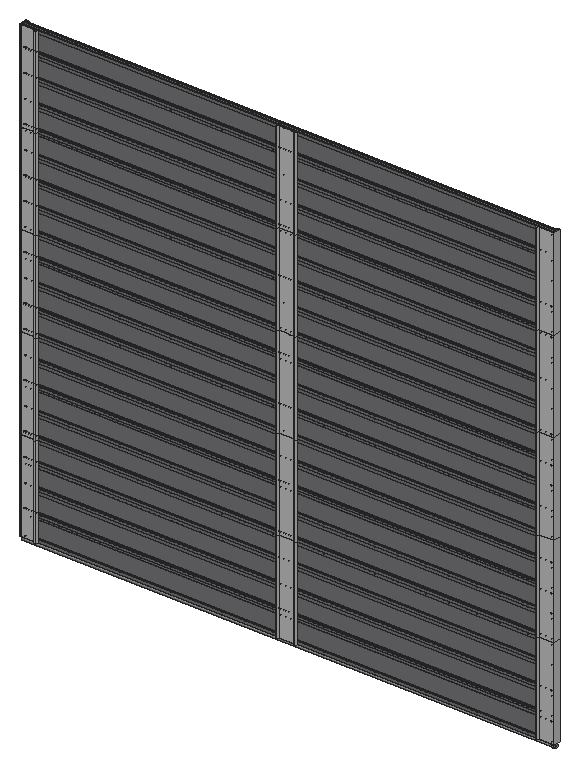
Revit family "GAFS 20H CH", category Doors, host Wall, Revit 2024
Family settings
  Host = Wall
  OmniClass Number = 23.30.10.00
  OmniClass Title = Doors
  Always vertical = Yes
  Cut with Voids When Loaded = No
  Shared = No
  Room Calculation Point = No
Parameters
  Wall Opening [instance] = 4880 mm
  Function = Interior
  Frame Projection Ext. = 25 mm
  Frame Projection Int. = 25 mm
  Frame Width = 75 mm
  Height = 2135 mm
  Wall Closure = By host
  Width = 2440 mm
Reference planes
  plane 1: y = 0
  plane 2 "Center (Left/Right)": x = 0
  plane 3: z = 2135
  plane 4 "Exterior": y = 75
  plane 5 "Interior": y = -75
  plane 6 "Garage Bottom": y = 75
  plane 7 "Garage Top": z = 2170
  plane 8: z = 19.954
  plane 9 "Garage Left": x = 1250
  plane 10 "Garage Right": x = -1250
Forms (mm)
  Extrusion 1, solid, material "STEEL BACK & SIDE PLATES"
    sketch origin (2744.172, 256, 612.954) x (1, 0, 0) y (0, 1, 0)
      loop
        line (-2791.977, -404.804) -> (-2789.506, -414.002) -> (-2782.523, -414.002) -> (-2780.383, -405.996) -> (-2707.961, -405.996) -> (-2705.821, -414.002) -> (-2698.839, -414.002) -> (-2696.367, -404.804) -> (-2697.626, -404.804) -> (-2699.758, -412.802) -> (-2704.9, -412.802) -> (-2707.039, -404.797) -> (-2781.305, -404.797) -> (-2783.444, -412.802) -> (-2788.586, -412.802) -> (-2790.718, -404.804) -> (-2791.977, -404.804)
      loop
        line (-3985.472, -373.2) -> (-3992.972, -373.2) -> (-3992.972, -372) -> (-3991.972, -372)
        arc (-3991.972, -372) -> (-3991.472, -371.5) -> (-3991.972, -371) r 0.5
        line (-3991.972, -371) -> (-3994.172, -371) -> (-3994.172, -406) -> (-3924.955, -406) -> (-3922.812, -414) -> (-3915.811, -414) -> (-3913.363, -404.8) -> (-3914.589, -404.8) -> (-3916.732, -412.8) -> (-3921.891, -412.8) -> (-3924.034, -404.8) -> (-3992.972, -404.8) -> (-3992.972, -374.4) -> (-3980.945, -374.4)
        arc (-3980.945, -374.4) -> (-3980.21, -374.891) -> (-3979.372, -374.607) r 1
        line (-3979.372, -374.607) -> (-3978.819, -374.054)
        arc (-3978.819, -374.054) -> (-3978.71, -373.509) -> (-3979.172, -373.2) r 0.5
        line (-3979.172, -373.2) -> (-3984.272, -373.2) -> (-3984.272, -371) -> (-3986.472, -371)
        arc (-3986.472, -371) -> (-3986.972, -371.5) -> (-3986.472, -372) r 0.5
        line (-3986.472, -372) -> (-3985.472, -372) -> (-3985.472, -373.2)
      loop
        line (-1502.872, -373.2) -> (-1502.872, -372) -> (-1501.872, -372)
        arc (-1501.872, -372) -> (-1501.372, -371.5) -> (-1501.872, -371) r 0.5
        line (-1501.872, -371) -> (-1504.072, -371) -> (-1504.072, -373.2) -> (-1509.172, -373.2)
        arc (-1509.172, -373.2) -> (-1509.634, -373.509) -> (-1509.526, -374.054) r 0.5
        line (-1509.526, -374.054) -> (-1508.972, -374.607)
        arc (-1508.972, -374.607) -> (-1508.135, -374.891) -> (-1507.399, -374.4) r 1
        line (-1507.399, -374.4) -> (-1495.372, -374.4) -> (-1495.372, -404.8) -> (-1564.31, -404.8) -> (-1566.454, -412.8) -> (-1571.612, -412.8) -> (-1573.756, -404.8) -> (-1574.982, -404.8) -> (-1572.533, -414) -> (-1565.533, -414) -> (-1563.389, -406) -> (-1494.172, -406) -> (-1494.172, -371) -> (-1496.372, -371)
        arc (-1496.372, -371) -> (-1496.872, -371.5) -> (-1496.372, -372) r 0.5
        line (-1496.372, -372) -> (-1495.372, -372) -> (-1495.372, -373.2) -> (-1502.872, -373.2)
    from 267.046 to 697.046
  Extrusion 2, solid, material "STEEL BACK & SIDE PLATES"
    sketch origin (2744.172, 256, 182.954) x (1, 0, 0) y (0, 1, 0)
      loop
        line (-2791.977, -404.804) -> (-2789.506, -414.002) -> (-2782.523, -414.002) -> (-2780.383, -405.996) -> (-2707.961, -405.996) -> (-2705.821, -414.002) -> (-2698.839, -414.002) -> (-2696.367, -404.804) -> (-2697.626, -404.804) -> (-2699.758, -412.802) -> (-2704.9, -412.802) -> (-2707.039, -404.797) -> (-2781.305, -404.797) -> (-2783.444, -412.802) -> (-2788.586, -412.802) -> (-2790.718, -404.804) -> (-2791.977, -404.804)
      loop
        line (-3985.472, -373.2) -> (-3992.972, -373.2) -> (-3992.972, -372) -> (-3991.972, -372)
        arc (-3991.972, -372) -> (-3991.472, -371.5) -> (-3991.972, -371) r 0.5
        line (-3991.972, -371) -> (-3994.172, -371) -> (-3994.172, -406) -> (-3924.955, -406) -> (-3922.812, -414) -> (-3915.811, -414) -> (-3913.363, -404.8) -> (-3914.589, -404.8) -> (-3916.732, -412.8) -> (-3921.891, -412.8) -> (-3924.034, -404.8) -> (-3992.972, -404.8) -> (-3992.972, -374.4) -> (-3980.945, -374.4)
        arc (-3980.945, -374.4) -> (-3980.21, -374.891) -> (-3979.372, -374.607) r 1
        line (-3979.372, -374.607) -> (-3978.819, -374.054)
        arc (-3978.819, -374.054) -> (-3978.71, -373.509) -> (-3979.172, -373.2) r 0.5
        line (-3979.172, -373.2) -> (-3984.272, -373.2) -> (-3984.272, -371) -> (-3986.472, -371)
        arc (-3986.472, -371) -> (-3986.972, -371.5) -> (-3986.472, -372) r 0.5
        line (-3986.472, -372) -> (-3985.472, -372) -> (-3985.472, -373.2)
      loop
        line (-1502.872, -373.2) -> (-1502.872, -372) -> (-1501.872, -372)
        arc (-1501.872, -372) -> (-1501.372, -371.5) -> (-1501.872, -371) r 0.5
        line (-1501.872, -371) -> (-1504.072, -371) -> (-1504.072, -373.2) -> (-1509.172, -373.2)
        arc (-1509.172, -373.2) -> (-1509.634, -373.509) -> (-1509.526, -374.054) r 0.5
        line (-1509.526, -374.054) -> (-1508.972, -374.607)
        arc (-1508.972, -374.607) -> (-1508.135, -374.891) -> (-1507.399, -374.4) r 1
        line (-1507.399, -374.4) -> (-1495.372, -374.4) -> (-1495.372, -404.8) -> (-1564.31, -404.8) -> (-1566.454, -412.8) -> (-1571.612, -412.8) -> (-1573.756, -404.8) -> (-1574.982, -404.8) -> (-1572.533, -414) -> (-1565.533, -414) -> (-1563.389, -406) -> (-1494.172, -406) -> (-1494.172, -371) -> (-1496.372, -371)
        arc (-1496.372, -371) -> (-1496.872, -371.5) -> (-1496.372, -372) r 0.5
        line (-1496.372, -372) -> (-1495.372, -372) -> (-1495.372, -373.2) -> (-1502.872, -373.2)
    from 267.046 to 697.046
  Extrusion 3, solid, material "STEEL BACK & SIDE PLATES"
    sketch origin (2744.172, 256, -247.046) x (1, 0, 0) y (0, 1, 0)
      loop
        line (-2791.977, -404.804) -> (-2789.506, -414.002) -> (-2782.523, -414.002) -> (-2780.383, -405.996) -> (-2707.961, -405.996) -> (-2705.821, -414.002) -> (-2698.839, -414.002) -> (-2696.367, -404.804) -> (-2697.626, -404.804) -> (-2699.758, -412.802) -> (-2704.9, -412.802) -> (-2707.039, -404.797) -> (-2781.305, -404.797) -> (-2783.444, -412.802) -> (-2788.586, -412.802) -> (-2790.718, -404.804) -> (-2791.977, -404.804)
      loop
        line (-3985.472, -373.2) -> (-3992.972, -373.2) -> (-3992.972, -372) -> (-3991.972, -372)
        arc (-3991.972, -372) -> (-3991.472, -371.5) -> (-3991.972, -371) r 0.5
        line (-3991.972, -371) -> (-3994.172, -371) -> (-3994.172, -406) -> (-3924.955, -406) -> (-3922.812, -414) -> (-3915.811, -414) -> (-3913.363, -404.8) -> (-3914.589, -404.8) -> (-3916.732, -412.8) -> (-3921.891, -412.8) -> (-3924.034, -404.8) -> (-3992.972, -404.8) -> (-3992.972, -374.4) -> (-3980.945, -374.4)
        arc (-3980.945, -374.4) -> (-3980.21, -374.891) -> (-3979.372, -374.607) r 1
        line (-3979.372, -374.607) -> (-3978.819, -374.054)
        arc (-3978.819, -374.054) -> (-3978.71, -373.509) -> (-3979.172, -373.2) r 0.5
        line (-3979.172, -373.2) -> (-3984.272, -373.2) -> (-3984.272, -371) -> (-3986.472, -371)
        arc (-3986.472, -371) -> (-3986.972, -371.5) -> (-3986.472, -372) r 0.5
        line (-3986.472, -372) -> (-3985.472, -372) -> (-3985.472, -373.2)
      loop
        line (-1502.872, -373.2) -> (-1502.872, -372) -> (-1501.872, -372)
        arc (-1501.872, -372) -> (-1501.372, -371.5) -> (-1501.872, -371) r 0.5
        line (-1501.872, -371) -> (-1504.072, -371) -> (-1504.072, -373.2) -> (-1509.172, -373.2)
        arc (-1509.172, -373.2) -> (-1509.634, -373.509) -> (-1509.526, -374.054) r 0.5
        line (-1509.526, -374.054) -> (-1508.972, -374.607)
        arc (-1508.972, -374.607) -> (-1508.135, -374.891) -> (-1507.399, -374.4) r 1
        line (-1507.399, -374.4) -> (-1495.372, -374.4) -> (-1495.372, -404.8) -> (-1564.31, -404.8) -> (-1566.454, -412.8) -> (-1571.612, -412.8) -> (-1573.756, -404.8) -> (-1574.982, -404.8) -> (-1572.533, -414) -> (-1565.533, -414) -> (-1563.389, -406) -> (-1494.172, -406) -> (-1494.172, -371) -> (-1496.372, -371)
        arc (-1496.372, -371) -> (-1496.872, -371.5) -> (-1496.372, -372) r 0.5
        line (-1496.372, -372) -> (-1495.372, -372) -> (-1495.372, -373.2) -> (-1502.872, -373.2)
    from 267 to 697.046
  Extrusion 4, solid, material "STEEL BACK & SIDE PLATES"
    sketch origin (2744.172, 256, 1042.954) x (1, 0, 0) y (0, 1, 0)
      loop
        line (-2791.977, -404.804) -> (-2789.506, -414.002) -> (-2782.523, -414.002) -> (-2780.383, -405.996) -> (-2707.961, -405.996) -> (-2705.821, -414.002) -> (-2698.839, -414.002) -> (-2696.367, -404.804) -> (-2697.626, -404.804) -> (-2699.758, -412.802) -> (-2704.9, -412.802) -> (-2707.039, -404.797) -> (-2781.305, -404.797) -> (-2783.444, -412.802) -> (-2788.586, -412.802) -> (-2790.718, -404.804) -> (-2791.977, -404.804)
      loop
        line (-3985.472, -373.2) -> (-3992.972, -373.2) -> (-3992.972, -372) -> (-3991.972, -372)
        arc (-3991.972, -372) -> (-3991.472, -371.5) -> (-3991.972, -371) r 0.5
        line (-3991.972, -371) -> (-3994.172, -371) -> (-3994.172, -406) -> (-3924.955, -406) -> (-3922.812, -414) -> (-3915.811, -414) -> (-3913.363, -404.8) -> (-3914.589, -404.8) -> (-3916.732, -412.8) -> (-3921.891, -412.8) -> (-3924.034, -404.8) -> (-3992.972, -404.8) -> (-3992.972, -374.4) -> (-3980.945, -374.4)
        arc (-3980.945, -374.4) -> (-3980.21, -374.891) -> (-3979.372, -374.607) r 1
        line (-3979.372, -374.607) -> (-3978.819, -374.054)
        arc (-3978.819, -374.054) -> (-3978.71, -373.509) -> (-3979.172, -373.2) r 0.5
        line (-3979.172, -373.2) -> (-3984.272, -373.2) -> (-3984.272, -371) -> (-3986.472, -371)
        arc (-3986.472, -371) -> (-3986.972, -371.5) -> (-3986.472, -372) r 0.5
        line (-3986.472, -372) -> (-3985.472, -372) -> (-3985.472, -373.2)
      loop
        line (-1502.872, -373.2) -> (-1502.872, -372) -> (-1501.872, -372)
        arc (-1501.872, -372) -> (-1501.372, -371.5) -> (-1501.872, -371) r 0.5
        line (-1501.872, -371) -> (-1504.072, -371) -> (-1504.072, -373.2) -> (-1509.172, -373.2)
        arc (-1509.172, -373.2) -> (-1509.634, -373.509) -> (-1509.526, -374.054) r 0.5
        line (-1509.526, -374.054) -> (-1508.972, -374.607)
        arc (-1508.972, -374.607) -> (-1508.135, -374.891) -> (-1507.399, -374.4) r 1
        line (-1507.399, -374.4) -> (-1495.372, -374.4) -> (-1495.372, -404.8) -> (-1564.31, -404.8) -> (-1566.454, -412.8) -> (-1571.612, -412.8) -> (-1573.756, -404.8) -> (-1574.982, -404.8) -> (-1572.533, -414) -> (-1565.533, -414) -> (-1563.389, -406) -> (-1494.172, -406) -> (-1494.172, -371) -> (-1496.372, -371)
        arc (-1496.372, -371) -> (-1496.872, -371.5) -> (-1496.372, -372) r 0.5
        line (-1496.372, -372) -> (-1495.372, -372) -> (-1495.372, -373.2) -> (-1502.872, -373.2)
    from 267.046 to 697.046
  Extrusion 5, solid, material "STEEL BACK & SIDE PLATES"
    sketch origin (2744.172, 256, 1472.954) x (1, 0, 0) y (0, 1, 0)
      loop
        line (-2791.977, -404.804) -> (-2789.506, -414.002) -> (-2782.523, -414.002) -> (-2780.383, -405.996) -> (-2707.961, -405.996) -> (-2705.821, -414.002) -> (-2698.839, -414.002) -> (-2696.367, -404.804) -> (-2697.626, -404.804) -> (-2699.758, -412.802) -> (-2704.9, -412.802) -> (-2707.039, -404.797) -> (-2781.305, -404.797) -> (-2783.444, -412.802) -> (-2788.586, -412.802) -> (-2790.718, -404.804) -> (-2791.977, -404.804)
      loop
        line (-3985.472, -373.2) -> (-3992.972, -373.2) -> (-3992.972, -372) -> (-3991.972, -372)
        arc (-3991.972, -372) -> (-3991.472, -371.5) -> (-3991.972, -371) r 0.5
        line (-3991.972, -371) -> (-3994.172, -371) -> (-3994.172, -406) -> (-3924.955, -406) -> (-3922.812, -414) -> (-3915.811, -414) -> (-3913.363, -404.8) -> (-3914.589, -404.8) -> (-3916.732, -412.8) -> (-3921.891, -412.8) -> (-3924.034, -404.8) -> (-3992.972, -404.8) -> (-3992.972, -374.4) -> (-3980.945, -374.4)
        arc (-3980.945, -374.4) -> (-3980.21, -374.891) -> (-3979.372, -374.607) r 1
        line (-3979.372, -374.607) -> (-3978.819, -374.054)
        arc (-3978.819, -374.054) -> (-3978.71, -373.509) -> (-3979.172, -373.2) r 0.5
        line (-3979.172, -373.2) -> (-3984.272, -373.2) -> (-3984.272, -371) -> (-3986.472, -371)
        arc (-3986.472, -371) -> (-3986.972, -371.5) -> (-3986.472, -372) r 0.5
        line (-3986.472, -372) -> (-3985.472, -372) -> (-3985.472, -373.2)
      loop
        line (-1502.872, -373.2) -> (-1502.872, -372) -> (-1501.872, -372)
        arc (-1501.872, -372) -> (-1501.372, -371.5) -> (-1501.872, -371) r 0.5
        line (-1501.872, -371) -> (-1504.072, -371) -> (-1504.072, -373.2) -> (-1509.172, -373.2)
        arc (-1509.172, -373.2) -> (-1509.634, -373.509) -> (-1509.526, -374.054) r 0.5
        line (-1509.526, -374.054) -> (-1508.972, -374.607)
        arc (-1508.972, -374.607) -> (-1508.135, -374.891) -> (-1507.399, -374.4) r 1
        line (-1507.399, -374.4) -> (-1495.372, -374.4) -> (-1495.372, -404.8) -> (-1564.31, -404.8) -> (-1566.454, -412.8) -> (-1571.612, -412.8) -> (-1573.756, -404.8) -> (-1574.982, -404.8) -> (-1572.533, -414) -> (-1565.533, -414) -> (-1563.389, -406) -> (-1494.172, -406) -> (-1494.172, -371) -> (-1496.372, -371)
        arc (-1496.372, -371) -> (-1496.872, -371.5) -> (-1496.372, -372) r 0.5
        line (-1496.372, -372) -> (-1495.372, -372) -> (-1495.372, -373.2) -> (-1502.872, -373.2)
    from 267.046 to 697.046
  Extrusion 6, solid, material "ALUMINIUM CHAR (TEST)"
    sketch origin (0, -44, 2189.863) x (0, -1, 0) y (0, 0, -1)
      loop
        line (82.14, 2169.909) -> (74.797, 2169.909) -> (74.797, 2070.864) -> (78.797, 2069.409) -> (78.797, 2062.409) -> (83.136, 2062.409)
        arc (83.136, 2062.409) -> (83.518, 2062.332) -> (83.843, 2062.116) r 1
        line (83.843, 2062.116) -> (86.55, 2059.409) -> (88.077, 2059.409)
        arc (88.077, 2059.409) -> (88.477, 2059.809) -> (88.077, 2060.209) r 0.4
        line (88.077, 2060.209) -> (87.047, 2060.209) -> (87.047, 2061.409) -> (92.547, 2061.409) -> (92.547, 2060.209) -> (91.517, 2060.209)
        arc (91.517, 2060.209) -> (91.117, 2059.809) -> (91.517, 2059.409) r 0.4
        line (91.517, 2059.409) -> (93.044, 2059.409) -> (95.751, 2062.116)
        arc (95.751, 2062.116) -> (96.077, 2062.333) -> (96.461, 2062.409) r 1
        line (96.461, 2062.409) -> (104.797, 2062.409) -> (104.797, 2074.409) -> (101.397, 2074.409)
        arc (101.397, 2074.409) -> (100.697, 2073.709) -> (101.397, 2073.009) r 0.7
        line (101.397, 2073.009) -> (103.397, 2073.009) -> (103.397, 2063.809) -> (95.464, 2063.809) -> (94.464, 2062.809) -> (85.13, 2062.809) -> (84.13, 2063.809) -> (80.197, 2063.809) -> (80.197, 2070.389) -> (76.197, 2071.845) -> (76.197, 2168.509) -> (81.56, 2168.509) -> (87.06, 2163.009) -> (92.534, 2163.009) -> (98.034, 2168.509) -> (103.397, 2168.509) -> (103.397, 2159.309) -> (101.397, 2159.309)
        arc (101.397, 2159.309) -> (100.697, 2158.609) -> (101.397, 2157.909) r 0.7
        line (101.397, 2157.909) -> (104.797, 2157.909) -> (104.797, 2169.909) -> (97.454, 2169.909) -> (91.954, 2164.409) -> (87.64, 2164.409) -> (82.14, 2169.909)
    from -1248.8 to 1248.8
  Extrusion 7, solid, material "Rubber, Natural"
    sketch origin (0, -32.797, 0.046) x (0, 1, 0) y (0, 0, 1)
      loop
        line (-111, 19.909) -> (-111, 16.909) -> (-106, 16.909) -> (-106, 14.004)
        spline (-106, 14.004) -> (-109.192, 11.809) -> (-110.848, 8.808) -> (-110.659, 5.562) -> (-108.66, 2.681) -> (-105.226, 0.703) -> (-101, 0) -> (-96.774, 0.703) -> (-93.34, 2.681) -> (-91.341, 5.562) -> (-91.152, 8.808) -> (-92.808, 11.809) -> (-96, 14.004)
        line (-96, 14.004) -> (-96, 16.909) -> (-91, 16.909) -> (-91, 19.909) -> (-111, 19.909)
      loop
        line (-98, 16.909) -> (-104, 16.909) -> (-104, 14.633)
        arc (-104, 14.633) -> (-101, 15.009) -> (-98, 14.633) r 12.129
        line (-98, 14.633) -> (-98, 16.909)
      loop
        spline (-101, 1.513) -> (-98.929, 1.717) -> (-97, 2.316) -> (-95.343, 3.268) -> (-94.072, 4.509) -> (-93.273, 5.954) -> (-93, 7.505) -> (-93.273, 9.055) -> (-94.072, 10.501) -> (-95.343, 11.742) -> (-97, 12.694) -> (-98.929, 13.292) -> (-101, 13.496)
        spline (-101, 13.496) -> (-103.071, 13.292) -> (-105, 12.694) -> (-106.657, 11.742) -> (-107.928, 10.501) -> (-108.727, 9.055) -> (-109, 7.505) -> (-108.727, 5.954) -> (-107.928, 4.509) -> (-106.657, 3.268) -> (-105, 2.316) -> (-103.071, 1.717) -> (-101, 1.513)
    from -1248.8 to 1248.8
  Extrusion 8, solid, material "ALUMINIUM CHAR (TEST)"
    sketch origin (0, -44, 2297.363) x (0, -1, 0) y (0, 0, -1)
      loop
        line (82.14, 2169.909) -> (74.797, 2169.909) -> (74.797, 2070.864) -> (78.797, 2069.409) -> (78.797, 2062.409) -> (83.136, 2062.409)
        arc (83.136, 2062.409) -> (83.518, 2062.332) -> (83.843, 2062.116) r 1
        line (83.843, 2062.116) -> (86.55, 2059.409) -> (88.077, 2059.409)
        arc (88.077, 2059.409) -> (88.477, 2059.809) -> (88.077, 2060.209) r 0.4
        line (88.077, 2060.209) -> (87.047, 2060.209) -> (87.047, 2061.409) -> (92.547, 2061.409) -> (92.547, 2060.209) -> (91.517, 2060.209)
        arc (91.517, 2060.209) -> (91.117, 2059.809) -> (91.517, 2059.409) r 0.4
        line (91.517, 2059.409) -> (93.044, 2059.409) -> (95.751, 2062.116)
        arc (95.751, 2062.116) -> (96.077, 2062.333) -> (96.461, 2062.409) r 1
        line (96.461, 2062.409) -> (104.797, 2062.409) -> (104.797, 2074.409) -> (101.397, 2074.409)
        arc (101.397, 2074.409) -> (100.697, 2073.709) -> (101.397, 2073.009) r 0.7
        line (101.397, 2073.009) -> (103.397, 2073.009) -> (103.397, 2063.809) -> (95.464, 2063.809) -> (94.464, 2062.809) -> (85.13, 2062.809) -> (84.13, 2063.809) -> (80.197, 2063.809) -> (80.197, 2070.389) -> (76.197, 2071.845) -> (76.197, 2168.509) -> (81.56, 2168.509) -> (87.06, 2163.009) -> (92.534, 2163.009) -> (98.034, 2168.509) -> (103.397, 2168.509) -> (103.397, 2159.309) -> (101.397, 2159.309)
        arc (101.397, 2159.309) -> (100.697, 2158.609) -> (101.397, 2157.909) r 0.7
        line (101.397, 2157.909) -> (104.797, 2157.909) -> (104.797, 2169.909) -> (97.454, 2169.909) -> (91.954, 2164.409) -> (87.64, 2164.409) -> (82.14, 2169.909)
    from -1248.8 to 1248.8
  Extrusion 9, solid, material "ALUMINIUM CHAR (TEST)"
    sketch origin (0, -44, 2404.863) x (0, -1, 0) y (0, 0, -1)
      loop
        line (82.14, 2169.909) -> (74.797, 2169.909) -> (74.797, 2070.864) -> (78.797, 2069.409) -> (78.797, 2062.409) -> (83.136, 2062.409)
        arc (83.136, 2062.409) -> (83.518, 2062.332) -> (83.843, 2062.116) r 1
        line (83.843, 2062.116) -> (86.55, 2059.409) -> (88.077, 2059.409)
        arc (88.077, 2059.409) -> (88.477, 2059.809) -> (88.077, 2060.209) r 0.4
        line (88.077, 2060.209) -> (87.047, 2060.209) -> (87.047, 2061.409) -> (92.547, 2061.409) -> (92.547, 2060.209) -> (91.517, 2060.209)
        arc (91.517, 2060.209) -> (91.117, 2059.809) -> (91.517, 2059.409) r 0.4
        line (91.517, 2059.409) -> (93.044, 2059.409) -> (95.751, 2062.116)
        arc (95.751, 2062.116) -> (96.077, 2062.333) -> (96.461, 2062.409) r 1
        line (96.461, 2062.409) -> (104.797, 2062.409) -> (104.797, 2074.409) -> (101.397, 2074.409)
        arc (101.397, 2074.409) -> (100.697, 2073.709) -> (101.397, 2073.009) r 0.7
        line (101.397, 2073.009) -> (103.397, 2073.009) -> (103.397, 2063.809) -> (95.464, 2063.809) -> (94.464, 2062.809) -> (85.13, 2062.809) -> (84.13, 2063.809) -> (80.197, 2063.809) -> (80.197, 2070.389) -> (76.197, 2071.845) -> (76.197, 2168.509) -> (81.56, 2168.509) -> (87.06, 2163.009) -> (92.534, 2163.009) -> (98.034, 2168.509) -> (103.397, 2168.509) -> (103.397, 2159.309) -> (101.397, 2159.309)
        arc (101.397, 2159.309) -> (100.697, 2158.609) -> (101.397, 2157.909) r 0.7
        line (101.397, 2157.909) -> (104.797, 2157.909) -> (104.797, 2169.909) -> (97.454, 2169.909) -> (91.954, 2164.409) -> (87.64, 2164.409) -> (82.14, 2169.909)
    from -1248.8 to 1248.8
  Extrusion 10, solid, material "ALUMINIUM CHAR (TEST)"
    sketch origin (0, -44, 2512.363) x (0, -1, 0) y (0, 0, -1)
      loop
        line (82.14, 2169.909) -> (74.797, 2169.909) -> (74.797, 2070.864) -> (78.797, 2069.409) -> (78.797, 2062.409) -> (83.136, 2062.409)
        arc (83.136, 2062.409) -> (83.518, 2062.332) -> (83.843, 2062.116) r 1
        line (83.843, 2062.116) -> (86.55, 2059.409) -> (88.077, 2059.409)
        arc (88.077, 2059.409) -> (88.477, 2059.809) -> (88.077, 2060.209) r 0.4
        line (88.077, 2060.209) -> (87.047, 2060.209) -> (87.047, 2061.409) -> (92.547, 2061.409) -> (92.547, 2060.209) -> (91.517, 2060.209)
        arc (91.517, 2060.209) -> (91.117, 2059.809) -> (91.517, 2059.409) r 0.4
        line (91.517, 2059.409) -> (93.044, 2059.409) -> (95.751, 2062.116)
        arc (95.751, 2062.116) -> (96.077, 2062.333) -> (96.461, 2062.409) r 1
        line (96.461, 2062.409) -> (104.797, 2062.409) -> (104.797, 2074.409) -> (101.397, 2074.409)
        arc (101.397, 2074.409) -> (100.697, 2073.709) -> (101.397, 2073.009) r 0.7
        line (101.397, 2073.009) -> (103.397, 2073.009) -> (103.397, 2063.809) -> (95.464, 2063.809) -> (94.464, 2062.809) -> (85.13, 2062.809) -> (84.13, 2063.809) -> (80.197, 2063.809) -> (80.197, 2070.389) -> (76.197, 2071.845) -> (76.197, 2168.509) -> (81.56, 2168.509) -> (87.06, 2163.009) -> (92.534, 2163.009) -> (98.034, 2168.509) -> (103.397, 2168.509) -> (103.397, 2159.309) -> (101.397, 2159.309)
        arc (101.397, 2159.309) -> (100.697, 2158.609) -> (101.397, 2157.909) r 0.7
        line (101.397, 2157.909) -> (104.797, 2157.909) -> (104.797, 2169.909) -> (97.454, 2169.909) -> (91.954, 2164.409) -> (87.64, 2164.409) -> (82.14, 2169.909)
    from -1248.8 to 1248.8
  Extrusion 11, solid, material "ALUMINIUM CHAR (TEST)"
    sketch origin (0, -44, 2619.909) x (0, -1, 0) y (0, 0, -1)
      loop
        line (82.14, 2169.909) -> (74.797, 2169.909) -> (74.797, 2070.864) -> (78.797, 2069.409) -> (78.797, 2062.409) -> (83.136, 2062.409)
        arc (83.136, 2062.409) -> (83.518, 2062.332) -> (83.843, 2062.116) r 1
        line (83.843, 2062.116) -> (86.55, 2059.409) -> (88.077, 2059.409)
        arc (88.077, 2059.409) -> (88.477, 2059.809) -> (88.077, 2060.209) r 0.4
        line (88.077, 2060.209) -> (87.047, 2060.209) -> (87.047, 2061.409) -> (92.547, 2061.409) -> (92.547, 2060.209) -> (91.517, 2060.209)
        arc (91.517, 2060.209) -> (91.117, 2059.809) -> (91.517, 2059.409) r 0.4
        line (91.517, 2059.409) -> (93.044, 2059.409) -> (95.751, 2062.116)
        arc (95.751, 2062.116) -> (96.077, 2062.333) -> (96.461, 2062.409) r 1
        line (96.461, 2062.409) -> (104.797, 2062.409) -> (104.797, 2074.409) -> (101.397, 2074.409)
        arc (101.397, 2074.409) -> (100.697, 2073.709) -> (101.397, 2073.009) r 0.7
        line (101.397, 2073.009) -> (103.397, 2073.009) -> (103.397, 2063.809) -> (95.464, 2063.809) -> (94.464, 2062.809) -> (85.13, 2062.809) -> (84.13, 2063.809) -> (80.197, 2063.809) -> (80.197, 2070.389) -> (76.197, 2071.845) -> (76.197, 2168.509) -> (81.56, 2168.509) -> (87.06, 2163.009) -> (92.534, 2163.009) -> (98.034, 2168.509) -> (103.397, 2168.509) -> (103.397, 2159.309) -> (101.397, 2159.309)
        arc (101.397, 2159.309) -> (100.697, 2158.609) -> (101.397, 2157.909) r 0.7
        line (101.397, 2157.909) -> (104.797, 2157.909) -> (104.797, 2169.909) -> (97.454, 2169.909) -> (91.954, 2164.409) -> (87.64, 2164.409) -> (82.14, 2169.909)
    from -1248.8 to 1248.8
  Extrusion 12, solid, material "ALUMINIUM CHAR (TEST)"
    sketch origin (0, -44, 2727.409) x (0, -1, 0) y (0, 0, -1)
      loop
        line (82.14, 2169.909) -> (74.797, 2169.909) -> (74.797, 2070.864) -> (78.797, 2069.409) -> (78.797, 2062.409) -> (83.136, 2062.409)
        arc (83.136, 2062.409) -> (83.518, 2062.332) -> (83.843, 2062.116) r 1
        line (83.843, 2062.116) -> (86.55, 2059.409) -> (88.077, 2059.409)
        arc (88.077, 2059.409) -> (88.477, 2059.809) -> (88.077, 2060.209) r 0.4
        line (88.077, 2060.209) -> (87.047, 2060.209) -> (87.047, 2061.409) -> (92.547, 2061.409) -> (92.547, 2060.209) -> (91.517, 2060.209)
        arc (91.517, 2060.209) -> (91.117, 2059.809) -> (91.517, 2059.409) r 0.4
        line (91.517, 2059.409) -> (93.044, 2059.409) -> (95.751, 2062.116)
        arc (95.751, 2062.116) -> (96.077, 2062.333) -> (96.461, 2062.409) r 1
        line (96.461, 2062.409) -> (104.797, 2062.409) -> (104.797, 2074.409) -> (101.397, 2074.409)
        arc (101.397, 2074.409) -> (100.697, 2073.709) -> (101.397, 2073.009) r 0.7
        line (101.397, 2073.009) -> (103.397, 2073.009) -> (103.397, 2063.809) -> (95.464, 2063.809) -> (94.464, 2062.809) -> (85.13, 2062.809) -> (84.13, 2063.809) -> (80.197, 2063.809) -> (80.197, 2070.389) -> (76.197, 2071.845) -> (76.197, 2168.509) -> (81.56, 2168.509) -> (87.06, 2163.009) -> (92.534, 2163.009) -> (98.034, 2168.509) -> (103.397, 2168.509) -> (103.397, 2159.309) -> (101.397, 2159.309)
        arc (101.397, 2159.309) -> (100.697, 2158.609) -> (101.397, 2157.909) r 0.7
        line (101.397, 2157.909) -> (104.797, 2157.909) -> (104.797, 2169.909) -> (97.454, 2169.909) -> (91.954, 2164.409) -> (87.64, 2164.409) -> (82.14, 2169.909)
    from -1248.8 to 1248.8
  Extrusion 13, solid, material "ALUMINIUM CHAR (TEST)"
    sketch origin (0, -44, 2834.909) x (0, -1, 0) y (0, 0, -1)
      loop
        line (82.14, 2169.909) -> (74.797, 2169.909) -> (74.797, 2070.864) -> (78.797, 2069.409) -> (78.797, 2062.409) -> (83.136, 2062.409)
        arc (83.136, 2062.409) -> (83.518, 2062.332) -> (83.843, 2062.116) r 1
        line (83.843, 2062.116) -> (86.55, 2059.409) -> (88.077, 2059.409)
        arc (88.077, 2059.409) -> (88.477, 2059.809) -> (88.077, 2060.209) r 0.4
        line (88.077, 2060.209) -> (87.047, 2060.209) -> (87.047, 2061.409) -> (92.547, 2061.409) -> (92.547, 2060.209) -> (91.517, 2060.209)
        arc (91.517, 2060.209) -> (91.117, 2059.809) -> (91.517, 2059.409) r 0.4
        line (91.517, 2059.409) -> (93.044, 2059.409) -> (95.751, 2062.116)
        arc (95.751, 2062.116) -> (96.077, 2062.333) -> (96.461, 2062.409) r 1
        line (96.461, 2062.409) -> (104.797, 2062.409) -> (104.797, 2074.409) -> (101.397, 2074.409)
        arc (101.397, 2074.409) -> (100.697, 2073.709) -> (101.397, 2073.009) r 0.7
        line (101.397, 2073.009) -> (103.397, 2073.009) -> (103.397, 2063.809) -> (95.464, 2063.809) -> (94.464, 2062.809) -> (85.13, 2062.809) -> (84.13, 2063.809) -> (80.197, 2063.809) -> (80.197, 2070.389) -> (76.197, 2071.845) -> (76.197, 2168.509) -> (81.56, 2168.509) -> (87.06, 2163.009) -> (92.534, 2163.009) -> (98.034, 2168.509) -> (103.397, 2168.509) -> (103.397, 2159.309) -> (101.397, 2159.309)
        arc (101.397, 2159.309) -> (100.697, 2158.609) -> (101.397, 2157.909) r 0.7
        line (101.397, 2157.909) -> (104.797, 2157.909) -> (104.797, 2169.909) -> (97.454, 2169.909) -> (91.954, 2164.409) -> (87.64, 2164.409) -> (82.14, 2169.909)
    from -1248.8 to 1248.8
  Extrusion 14, solid, material "ALUMINIUM CHAR (TEST)"
    sketch origin (0, -44, 2942.409) x (0, -1, 0) y (0, 0, -1)
      loop
        line (82.14, 2169.909) -> (74.797, 2169.909) -> (74.797, 2070.864) -> (78.797, 2069.409) -> (78.797, 2062.409) -> (83.136, 2062.409)
        arc (83.136, 2062.409) -> (83.518, 2062.332) -> (83.843, 2062.116) r 1
        line (83.843, 2062.116) -> (86.55, 2059.409) -> (88.077, 2059.409)
        arc (88.077, 2059.409) -> (88.477, 2059.809) -> (88.077, 2060.209) r 0.4
        line (88.077, 2060.209) -> (87.047, 2060.209) -> (87.047, 2061.409) -> (92.547, 2061.409) -> (92.547, 2060.209) -> (91.517, 2060.209)
        arc (91.517, 2060.209) -> (91.117, 2059.809) -> (91.517, 2059.409) r 0.4
        line (91.517, 2059.409) -> (93.044, 2059.409) -> (95.751, 2062.116)
        arc (95.751, 2062.116) -> (96.077, 2062.333) -> (96.461, 2062.409) r 1
        line (96.461, 2062.409) -> (104.797, 2062.409) -> (104.797, 2074.409) -> (101.397, 2074.409)
        arc (101.397, 2074.409) -> (100.697, 2073.709) -> (101.397, 2073.009) r 0.7
        line (101.397, 2073.009) -> (103.397, 2073.009) -> (103.397, 2063.809) -> (95.464, 2063.809) -> (94.464, 2062.809) -> (85.13, 2062.809) -> (84.13, 2063.809) -> (80.197, 2063.809) -> (80.197, 2070.389) -> (76.197, 2071.845) -> (76.197, 2168.509) -> (81.56, 2168.509) -> (87.06, 2163.009) -> (92.534, 2163.009) -> (98.034, 2168.509) -> (103.397, 2168.509) -> (103.397, 2159.309) -> (101.397, 2159.309)
        arc (101.397, 2159.309) -> (100.697, 2158.609) -> (101.397, 2157.909) r 0.7
        line (101.397, 2157.909) -> (104.797, 2157.909) -> (104.797, 2169.909) -> (97.454, 2169.909) -> (91.954, 2164.409) -> (87.64, 2164.409) -> (82.14, 2169.909)
    from -1248.8 to 1248.8
  Extrusion 15, solid, material "ALUMINIUM CHAR (TEST)"
    sketch origin (0, -44, 3049.909) x (0, -1, 0) y (0, 0, -1)
      loop
        line (82.14, 2169.909) -> (74.797, 2169.909) -> (74.797, 2070.864) -> (78.797, 2069.409) -> (78.797, 2062.409) -> (83.136, 2062.409)
        arc (83.136, 2062.409) -> (83.518, 2062.332) -> (83.843, 2062.116) r 1
        line (83.843, 2062.116) -> (86.55, 2059.409) -> (88.077, 2059.409)
        arc (88.077, 2059.409) -> (88.477, 2059.809) -> (88.077, 2060.209) r 0.4
        line (88.077, 2060.209) -> (87.047, 2060.209) -> (87.047, 2061.409) -> (92.547, 2061.409) -> (92.547, 2060.209) -> (91.517, 2060.209)
        arc (91.517, 2060.209) -> (91.117, 2059.809) -> (91.517, 2059.409) r 0.4
        line (91.517, 2059.409) -> (93.044, 2059.409) -> (95.751, 2062.116)
        arc (95.751, 2062.116) -> (96.077, 2062.333) -> (96.461, 2062.409) r 1
        line (96.461, 2062.409) -> (104.797, 2062.409) -> (104.797, 2074.409) -> (101.397, 2074.409)
        arc (101.397, 2074.409) -> (100.697, 2073.709) -> (101.397, 2073.009) r 0.7
        line (101.397, 2073.009) -> (103.397, 2073.009) -> (103.397, 2063.809) -> (95.464, 2063.809) -> (94.464, 2062.809) -> (85.13, 2062.809) -> (84.13, 2063.809) -> (80.197, 2063.809) -> (80.197, 2070.389) -> (76.197, 2071.845) -> (76.197, 2168.509) -> (81.56, 2168.509) -> (87.06, 2163.009) -> (92.534, 2163.009) -> (98.034, 2168.509) -> (103.397, 2168.509) -> (103.397, 2159.309) -> (101.397, 2159.309)
        arc (101.397, 2159.309) -> (100.697, 2158.609) -> (101.397, 2157.909) r 0.7
        line (101.397, 2157.909) -> (104.797, 2157.909) -> (104.797, 2169.909) -> (97.454, 2169.909) -> (91.954, 2164.409) -> (87.64, 2164.409) -> (82.14, 2169.909)
    from -1248.8 to 1248.8
  Extrusion 16, solid, material "ALUMINIUM CHAR (TEST)"
    sketch origin (0, -44, 3157.409) x (0, -1, 0) y (0, 0, -1)
      loop
        line (82.14, 2169.909) -> (74.797, 2169.909) -> (74.797, 2070.864) -> (78.797, 2069.409) -> (78.797, 2062.409) -> (83.136, 2062.409)
        arc (83.136, 2062.409) -> (83.518, 2062.332) -> (83.843, 2062.116) r 1
        line (83.843, 2062.116) -> (86.55, 2059.409) -> (88.077, 2059.409)
        arc (88.077, 2059.409) -> (88.477, 2059.809) -> (88.077, 2060.209) r 0.4
        line (88.077, 2060.209) -> (87.047, 2060.209) -> (87.047, 2061.409) -> (92.547, 2061.409) -> (92.547, 2060.209) -> (91.517, 2060.209)
        arc (91.517, 2060.209) -> (91.117, 2059.809) -> (91.517, 2059.409) r 0.4
        line (91.517, 2059.409) -> (93.044, 2059.409) -> (95.751, 2062.116)
        arc (95.751, 2062.116) -> (96.077, 2062.333) -> (96.461, 2062.409) r 1
        line (96.461, 2062.409) -> (104.797, 2062.409) -> (104.797, 2074.409) -> (101.397, 2074.409)
        arc (101.397, 2074.409) -> (100.697, 2073.709) -> (101.397, 2073.009) r 0.7
        line (101.397, 2073.009) -> (103.397, 2073.009) -> (103.397, 2063.809) -> (95.464, 2063.809) -> (94.464, 2062.809) -> (85.13, 2062.809) -> (84.13, 2063.809) -> (80.197, 2063.809) -> (80.197, 2070.389) -> (76.197, 2071.845) -> (76.197, 2168.509) -> (81.56, 2168.509) -> (87.06, 2163.009) -> (92.534, 2163.009) -> (98.034, 2168.509) -> (103.397, 2168.509) -> (103.397, 2159.309) -> (101.397, 2159.309)
        arc (101.397, 2159.309) -> (100.697, 2158.609) -> (101.397, 2157.909) r 0.7
        line (101.397, 2157.909) -> (104.797, 2157.909) -> (104.797, 2169.909) -> (97.454, 2169.909) -> (91.954, 2164.409) -> (87.64, 2164.409) -> (82.14, 2169.909)
    from -1248.8 to 1248.8
  Extrusion 17, solid, material "ALUMINIUM CHAR (TEST)"
    sketch origin (0, -44, 3264.909) x (0, -1, 0) y (0, 0, -1)
      loop
        line (82.14, 2169.909) -> (74.797, 2169.909) -> (74.797, 2070.864) -> (78.797, 2069.409) -> (78.797, 2062.409) -> (83.136, 2062.409)
        arc (83.136, 2062.409) -> (83.518, 2062.332) -> (83.843, 2062.116) r 1
        line (83.843, 2062.116) -> (86.55, 2059.409) -> (88.077, 2059.409)
        arc (88.077, 2059.409) -> (88.477, 2059.809) -> (88.077, 2060.209) r 0.4
        line (88.077, 2060.209) -> (87.047, 2060.209) -> (87.047, 2061.409) -> (92.547, 2061.409) -> (92.547, 2060.209) -> (91.517, 2060.209)
        arc (91.517, 2060.209) -> (91.117, 2059.809) -> (91.517, 2059.409) r 0.4
        line (91.517, 2059.409) -> (93.044, 2059.409) -> (95.751, 2062.116)
        arc (95.751, 2062.116) -> (96.077, 2062.333) -> (96.461, 2062.409) r 1
        line (96.461, 2062.409) -> (104.797, 2062.409) -> (104.797, 2074.409) -> (101.397, 2074.409)
        arc (101.397, 2074.409) -> (100.697, 2073.709) -> (101.397, 2073.009) r 0.7
        line (101.397, 2073.009) -> (103.397, 2073.009) -> (103.397, 2063.809) -> (95.464, 2063.809) -> (94.464, 2062.809) -> (85.13, 2062.809) -> (84.13, 2063.809) -> (80.197, 2063.809) -> (80.197, 2070.389) -> (76.197, 2071.845) -> (76.197, 2168.509) -> (81.56, 2168.509) -> (87.06, 2163.009) -> (92.534, 2163.009) -> (98.034, 2168.509) -> (103.397, 2168.509) -> (103.397, 2159.309) -> (101.397, 2159.309)
        arc (101.397, 2159.309) -> (100.697, 2158.609) -> (101.397, 2157.909) r 0.7
        line (101.397, 2157.909) -> (104.797, 2157.909) -> (104.797, 2169.909) -> (97.454, 2169.909) -> (91.954, 2164.409) -> (87.64, 2164.409) -> (82.14, 2169.909)
    from -1248.8 to 1248.8
  Extrusion 18, solid, material "ALUMINIUM CHAR (TEST)"
    sketch origin (0, -44, 3372.409) x (0, -1, 0) y (0, 0, -1)
      loop
        line (82.14, 2169.909) -> (74.797, 2169.909) -> (74.797, 2070.864) -> (78.797, 2069.409) -> (78.797, 2062.409) -> (83.136, 2062.409)
        arc (83.136, 2062.409) -> (83.518, 2062.332) -> (83.843, 2062.116) r 1
        line (83.843, 2062.116) -> (86.55, 2059.409) -> (88.077, 2059.409)
        arc (88.077, 2059.409) -> (88.477, 2059.809) -> (88.077, 2060.209) r 0.4
        line (88.077, 2060.209) -> (87.047, 2060.209) -> (87.047, 2061.409) -> (92.547, 2061.409) -> (92.547, 2060.209) -> (91.517, 2060.209)
        arc (91.517, 2060.209) -> (91.117, 2059.809) -> (91.517, 2059.409) r 0.4
        line (91.517, 2059.409) -> (93.044, 2059.409) -> (95.751, 2062.116)
        arc (95.751, 2062.116) -> (96.077, 2062.333) -> (96.461, 2062.409) r 1
        line (96.461, 2062.409) -> (104.797, 2062.409) -> (104.797, 2074.409) -> (101.397, 2074.409)
        arc (101.397, 2074.409) -> (100.697, 2073.709) -> (101.397, 2073.009) r 0.7
        line (101.397, 2073.009) -> (103.397, 2073.009) -> (103.397, 2063.809) -> (95.464, 2063.809) -> (94.464, 2062.809) -> (85.13, 2062.809) -> (84.13, 2063.809) -> (80.197, 2063.809) -> (80.197, 2070.389) -> (76.197, 2071.845) -> (76.197, 2168.509) -> (81.56, 2168.509) -> (87.06, 2163.009) -> (92.534, 2163.009) -> (98.034, 2168.509) -> (103.397, 2168.509) -> (103.397, 2159.309) -> (101.397, 2159.309)
        arc (101.397, 2159.309) -> (100.697, 2158.609) -> (101.397, 2157.909) r 0.7
        line (101.397, 2157.909) -> (104.797, 2157.909) -> (104.797, 2169.909) -> (97.454, 2169.909) -> (91.954, 2164.409) -> (87.64, 2164.409) -> (82.14, 2169.909)
    from -1248.8 to 1248.8
  Extrusion 19, solid, material "ALUMINIUM CHAR (TEST)"
    sketch origin (0, -44, 3479.909) x (0, -1, 0) y (0, 0, -1)
      loop
        line (82.14, 2169.909) -> (74.797, 2169.909) -> (74.797, 2070.864) -> (78.797, 2069.409) -> (78.797, 2062.409) -> (83.136, 2062.409)
        arc (83.136, 2062.409) -> (83.518, 2062.332) -> (83.843, 2062.116) r 1
        line (83.843, 2062.116) -> (86.55, 2059.409) -> (88.077, 2059.409)
        arc (88.077, 2059.409) -> (88.477, 2059.809) -> (88.077, 2060.209) r 0.4
        line (88.077, 2060.209) -> (87.047, 2060.209) -> (87.047, 2061.409) -> (92.547, 2061.409) -> (92.547, 2060.209) -> (91.517, 2060.209)
        arc (91.517, 2060.209) -> (91.117, 2059.809) -> (91.517, 2059.409) r 0.4
        line (91.517, 2059.409) -> (93.044, 2059.409) -> (95.751, 2062.116)
        arc (95.751, 2062.116) -> (96.077, 2062.333) -> (96.461, 2062.409) r 1
        line (96.461, 2062.409) -> (104.797, 2062.409) -> (104.797, 2074.409) -> (101.397, 2074.409)
        arc (101.397, 2074.409) -> (100.697, 2073.709) -> (101.397, 2073.009) r 0.7
        line (101.397, 2073.009) -> (103.397, 2073.009) -> (103.397, 2063.809) -> (95.464, 2063.809) -> (94.464, 2062.809) -> (85.13, 2062.809) -> (84.13, 2063.809) -> (80.197, 2063.809) -> (80.197, 2070.389) -> (76.197, 2071.845) -> (76.197, 2168.509) -> (81.56, 2168.509) -> (87.06, 2163.009) -> (92.534, 2163.009) -> (98.034, 2168.509) -> (103.397, 2168.509) -> (103.397, 2159.309) -> (101.397, 2159.309)
        arc (101.397, 2159.309) -> (100.697, 2158.609) -> (101.397, 2157.909) r 0.7
        line (101.397, 2157.909) -> (104.797, 2157.909) -> (104.797, 2169.909) -> (97.454, 2169.909) -> (91.954, 2164.409) -> (87.64, 2164.409) -> (82.14, 2169.909)
    from -1248.8 to 1248.8
  Extrusion 20, solid, material "ALUMINIUM CHAR (TEST)"
    sketch origin (0, -44, 3587.409) x (0, -1, 0) y (0, 0, -1)
      loop
        line (82.14, 2169.909) -> (74.797, 2169.909) -> (74.797, 2070.864) -> (78.797, 2069.409) -> (78.797, 2062.409) -> (83.136, 2062.409)
        arc (83.136, 2062.409) -> (83.518, 2062.332) -> (83.843, 2062.116) r 1
        line (83.843, 2062.116) -> (86.55, 2059.409) -> (88.077, 2059.409)
        arc (88.077, 2059.409) -> (88.477, 2059.809) -> (88.077, 2060.209) r 0.4
        line (88.077, 2060.209) -> (87.047, 2060.209) -> (87.047, 2061.409) -> (92.547, 2061.409) -> (92.547, 2060.209) -> (91.517, 2060.209)
        arc (91.517, 2060.209) -> (91.117, 2059.809) -> (91.517, 2059.409) r 0.4
        line (91.517, 2059.409) -> (93.044, 2059.409) -> (95.751, 2062.116)
        arc (95.751, 2062.116) -> (96.077, 2062.333) -> (96.461, 2062.409) r 1
        line (96.461, 2062.409) -> (104.797, 2062.409) -> (104.797, 2074.409) -> (101.397, 2074.409)
        arc (101.397, 2074.409) -> (100.697, 2073.709) -> (101.397, 2073.009) r 0.7
        line (101.397, 2073.009) -> (103.397, 2073.009) -> (103.397, 2063.809) -> (95.464, 2063.809) -> (94.464, 2062.809) -> (85.13, 2062.809) -> (84.13, 2063.809) -> (80.197, 2063.809) -> (80.197, 2070.389) -> (76.197, 2071.845) -> (76.197, 2168.509) -> (81.56, 2168.509) -> (87.06, 2163.009) -> (92.534, 2163.009) -> (98.034, 2168.509) -> (103.397, 2168.509) -> (103.397, 2159.309) -> (101.397, 2159.309)
        arc (101.397, 2159.309) -> (100.697, 2158.609) -> (101.397, 2157.909) r 0.7
        line (101.397, 2157.909) -> (104.797, 2157.909) -> (104.797, 2169.909) -> (97.454, 2169.909) -> (91.954, 2164.409) -> (87.64, 2164.409) -> (82.14, 2169.909)
    from -1248.8 to 1248.8
  Extrusion 21, solid, material "ALUMINIUM CHAR (TEST)"
    sketch origin (0, -44, 3694.909) x (0, -1, 0) y (0, 0, -1)
      loop
        line (82.14, 2169.909) -> (74.797, 2169.909) -> (74.797, 2070.864) -> (78.797, 2069.409) -> (78.797, 2062.409) -> (83.136, 2062.409)
        arc (83.136, 2062.409) -> (83.518, 2062.332) -> (83.843, 2062.116) r 1
        line (83.843, 2062.116) -> (86.55, 2059.409) -> (88.077, 2059.409)
        arc (88.077, 2059.409) -> (88.477, 2059.809) -> (88.077, 2060.209) r 0.4
        line (88.077, 2060.209) -> (87.047, 2060.209) -> (87.047, 2061.409) -> (92.547, 2061.409) -> (92.547, 2060.209) -> (91.517, 2060.209)
        arc (91.517, 2060.209) -> (91.117, 2059.809) -> (91.517, 2059.409) r 0.4
        line (91.517, 2059.409) -> (93.044, 2059.409) -> (95.751, 2062.116)
        arc (95.751, 2062.116) -> (96.077, 2062.333) -> (96.461, 2062.409) r 1
        line (96.461, 2062.409) -> (104.797, 2062.409) -> (104.797, 2074.409) -> (101.397, 2074.409)
        arc (101.397, 2074.409) -> (100.697, 2073.709) -> (101.397, 2073.009) r 0.7
        line (101.397, 2073.009) -> (103.397, 2073.009) -> (103.397, 2063.809) -> (95.464, 2063.809) -> (94.464, 2062.809) -> (85.13, 2062.809) -> (84.13, 2063.809) -> (80.197, 2063.809) -> (80.197, 2070.389) -> (76.197, 2071.845) -> (76.197, 2168.509) -> (81.56, 2168.509) -> (87.06, 2163.009) -> (92.534, 2163.009) -> (98.034, 2168.509) -> (103.397, 2168.509) -> (103.397, 2159.309) -> (101.397, 2159.309)
        arc (101.397, 2159.309) -> (100.697, 2158.609) -> (101.397, 2157.909) r 0.7
        line (101.397, 2157.909) -> (104.797, 2157.909) -> (104.797, 2169.909) -> (97.454, 2169.909) -> (91.954, 2164.409) -> (87.64, 2164.409) -> (82.14, 2169.909)
    from -1248.8 to 1248.8
  Extrusion 22, solid, material "ALUMINIUM CHAR (TEST)"
    sketch origin (0, -44, 3802.409) x (0, -1, 0) y (0, 0, -1)
      loop
        line (82.14, 2169.909) -> (74.797, 2169.909) -> (74.797, 2070.864) -> (78.797, 2069.409) -> (78.797, 2062.409) -> (83.136, 2062.409)
        arc (83.136, 2062.409) -> (83.518, 2062.332) -> (83.843, 2062.116) r 1
        line (83.843, 2062.116) -> (86.55, 2059.409) -> (88.077, 2059.409)
        arc (88.077, 2059.409) -> (88.477, 2059.809) -> (88.077, 2060.209) r 0.4
        line (88.077, 2060.209) -> (87.047, 2060.209) -> (87.047, 2061.409) -> (92.547, 2061.409) -> (92.547, 2060.209) -> (91.517, 2060.209)
        arc (91.517, 2060.209) -> (91.117, 2059.809) -> (91.517, 2059.409) r 0.4
        line (91.517, 2059.409) -> (93.044, 2059.409) -> (95.751, 2062.116)
        arc (95.751, 2062.116) -> (96.077, 2062.333) -> (96.461, 2062.409) r 1
        line (96.461, 2062.409) -> (104.797, 2062.409) -> (104.797, 2074.409) -> (101.397, 2074.409)
        arc (101.397, 2074.409) -> (100.697, 2073.709) -> (101.397, 2073.009) r 0.7
        line (101.397, 2073.009) -> (103.397, 2073.009) -> (103.397, 2063.809) -> (95.464, 2063.809) -> (94.464, 2062.809) -> (85.13, 2062.809) -> (84.13, 2063.809) -> (80.197, 2063.809) -> (80.197, 2070.389) -> (76.197, 2071.845) -> (76.197, 2168.509) -> (81.56, 2168.509) -> (87.06, 2163.009) -> (92.534, 2163.009) -> (98.034, 2168.509) -> (103.397, 2168.509) -> (103.397, 2159.309) -> (101.397, 2159.309)
        arc (101.397, 2159.309) -> (100.697, 2158.609) -> (101.397, 2157.909) r 0.7
        line (101.397, 2157.909) -> (104.797, 2157.909) -> (104.797, 2169.909) -> (97.454, 2169.909) -> (91.954, 2164.409) -> (87.64, 2164.409) -> (82.14, 2169.909)
    from -1248.8 to 1248.8
  Extrusion 23, solid, material "ALUMINIUM CHAR (TEST)"
    sketch origin (0, -44, 3909.909) x (0, -1, 0) y (0, 0, -1)
      loop
        line (82.14, 2169.909) -> (74.797, 2169.909) -> (74.797, 2070.864) -> (78.797, 2069.409) -> (78.797, 2062.409) -> (83.136, 2062.409)
        arc (83.136, 2062.409) -> (83.518, 2062.332) -> (83.843, 2062.116) r 1
        line (83.843, 2062.116) -> (86.55, 2059.409) -> (88.077, 2059.409)
        arc (88.077, 2059.409) -> (88.477, 2059.809) -> (88.077, 2060.209) r 0.4
        line (88.077, 2060.209) -> (87.047, 2060.209) -> (87.047, 2061.409) -> (92.547, 2061.409) -> (92.547, 2060.209) -> (91.517, 2060.209)
        arc (91.517, 2060.209) -> (91.117, 2059.809) -> (91.517, 2059.409) r 0.4
        line (91.517, 2059.409) -> (93.044, 2059.409) -> (95.751, 2062.116)
        arc (95.751, 2062.116) -> (96.077, 2062.333) -> (96.461, 2062.409) r 1
        line (96.461, 2062.409) -> (104.797, 2062.409) -> (104.797, 2074.409) -> (101.397, 2074.409)
        arc (101.397, 2074.409) -> (100.697, 2073.709) -> (101.397, 2073.009) r 0.7
        line (101.397, 2073.009) -> (103.397, 2073.009) -> (103.397, 2063.809) -> (95.464, 2063.809) -> (94.464, 2062.809) -> (85.13, 2062.809) -> (84.13, 2063.809) -> (80.197, 2063.809) -> (80.197, 2070.389) -> (76.197, 2071.845) -> (76.197, 2168.509) -> (81.56, 2168.509) -> (87.06, 2163.009) -> (92.534, 2163.009) -> (98.034, 2168.509) -> (103.397, 2168.509) -> (103.397, 2159.309) -> (101.397, 2159.309)
        arc (101.397, 2159.309) -> (100.697, 2158.609) -> (101.397, 2157.909) r 0.7
        line (101.397, 2157.909) -> (104.797, 2157.909) -> (104.797, 2169.909) -> (97.454, 2169.909) -> (91.954, 2164.409) -> (87.64, 2164.409) -> (82.14, 2169.909)
    from -1248.8 to 1248.8
  Extrusion 24, solid, material "ALUMINIUM CHAR (TEST)"
    sketch origin (0, -44, 4017.409) x (0, -1, 0) y (0, 0, -1)
      loop
        line (82.14, 2169.909) -> (74.797, 2169.909) -> (74.797, 2070.864) -> (78.797, 2069.409) -> (78.797, 2062.409) -> (83.136, 2062.409)
        arc (83.136, 2062.409) -> (83.518, 2062.332) -> (83.843, 2062.116) r 1
        line (83.843, 2062.116) -> (86.55, 2059.409) -> (88.077, 2059.409)
        arc (88.077, 2059.409) -> (88.477, 2059.809) -> (88.077, 2060.209) r 0.4
        line (88.077, 2060.209) -> (87.047, 2060.209) -> (87.047, 2061.409) -> (92.547, 2061.409) -> (92.547, 2060.209) -> (91.517, 2060.209)
        arc (91.517, 2060.209) -> (91.117, 2059.809) -> (91.517, 2059.409) r 0.4
        line (91.517, 2059.409) -> (93.044, 2059.409) -> (95.751, 2062.116)
        arc (95.751, 2062.116) -> (96.077, 2062.333) -> (96.461, 2062.409) r 1
        line (96.461, 2062.409) -> (104.797, 2062.409) -> (104.797, 2074.409) -> (101.397, 2074.409)
        arc (101.397, 2074.409) -> (100.697, 2073.709) -> (101.397, 2073.009) r 0.7
        line (101.397, 2073.009) -> (103.397, 2073.009) -> (103.397, 2063.809) -> (95.464, 2063.809) -> (94.464, 2062.809) -> (85.13, 2062.809) -> (84.13, 2063.809) -> (80.197, 2063.809) -> (80.197, 2070.389) -> (76.197, 2071.845) -> (76.197, 2168.509) -> (81.56, 2168.509) -> (87.06, 2163.009) -> (92.534, 2163.009) -> (98.034, 2168.509) -> (103.397, 2168.509) -> (103.397, 2159.309) -> (101.397, 2159.309)
        arc (101.397, 2159.309) -> (100.697, 2158.609) -> (101.397, 2157.909) r 0.7
        line (101.397, 2157.909) -> (104.797, 2157.909) -> (104.797, 2169.909) -> (97.454, 2169.909) -> (91.954, 2164.409) -> (87.64, 2164.409) -> (82.14, 2169.909)
    from -1248.8 to 1248.8
  Extrusion 25, solid, material "ALUMINIUM CHAR (TEST)"
    sketch origin (0, -44, 4124.909) x (0, -1, 0) y (0, 0, -1)
      loop
        line (82.14, 2169.909) -> (74.797, 2169.909) -> (74.797, 2070.864) -> (78.797, 2069.409) -> (78.797, 2062.409) -> (83.136, 2062.409)
        arc (83.136, 2062.409) -> (83.518, 2062.332) -> (83.843, 2062.116) r 1
        line (83.843, 2062.116) -> (86.55, 2059.409) -> (88.077, 2059.409)
        arc (88.077, 2059.409) -> (88.477, 2059.809) -> (88.077, 2060.209) r 0.4
        line (88.077, 2060.209) -> (87.047, 2060.209) -> (87.047, 2061.409) -> (92.547, 2061.409) -> (92.547, 2060.209) -> (91.517, 2060.209)
        arc (91.517, 2060.209) -> (91.117, 2059.809) -> (91.517, 2059.409) r 0.4
        line (91.517, 2059.409) -> (93.044, 2059.409) -> (95.751, 2062.116)
        arc (95.751, 2062.116) -> (96.077, 2062.333) -> (96.461, 2062.409) r 1
        line (96.461, 2062.409) -> (104.797, 2062.409) -> (104.797, 2074.409) -> (101.397, 2074.409)
        arc (101.397, 2074.409) -> (100.697, 2073.709) -> (101.397, 2073.009) r 0.7
        line (101.397, 2073.009) -> (103.397, 2073.009) -> (103.397, 2063.809) -> (95.464, 2063.809) -> (94.464, 2062.809) -> (85.13, 2062.809) -> (84.13, 2063.809) -> (80.197, 2063.809) -> (80.197, 2070.389) -> (76.197, 2071.845) -> (76.197, 2168.509) -> (81.56, 2168.509) -> (87.06, 2163.009) -> (92.534, 2163.009) -> (98.034, 2168.509) -> (103.397, 2168.509) -> (103.397, 2159.309) -> (101.397, 2159.309)
        arc (101.397, 2159.309) -> (100.697, 2158.609) -> (101.397, 2157.909) r 0.7
        line (101.397, 2157.909) -> (104.797, 2157.909) -> (104.797, 2169.909) -> (97.454, 2169.909) -> (91.954, 2164.409) -> (87.64, 2164.409) -> (82.14, 2169.909)
    from -1248.8 to 1248.8
  Extrusion 26, solid, material "ALUMINIUM CHAR (TEST)"
    sketch origin (0, -44, 4232.409) x (0, -1, 0) y (0, 0, -1)
      loop
        line (82.14, 2169.909) -> (74.797, 2169.909) -> (74.797, 2070.864) -> (78.797, 2069.409) -> (78.797, 2062.409) -> (83.136, 2062.409)
        arc (83.136, 2062.409) -> (83.518, 2062.332) -> (83.843, 2062.116) r 1
        line (83.843, 2062.116) -> (86.55, 2059.409) -> (88.077, 2059.409)
        arc (88.077, 2059.409) -> (88.477, 2059.809) -> (88.077, 2060.209) r 0.4
        line (88.077, 2060.209) -> (87.047, 2060.209) -> (87.047, 2061.409) -> (92.547, 2061.409) -> (92.547, 2060.209) -> (91.517, 2060.209)
        arc (91.517, 2060.209) -> (91.117, 2059.809) -> (91.517, 2059.409) r 0.4
        line (91.517, 2059.409) -> (93.044, 2059.409) -> (95.751, 2062.116)
        arc (95.751, 2062.116) -> (96.077, 2062.333) -> (96.461, 2062.409) r 1
        line (96.461, 2062.409) -> (104.797, 2062.409) -> (104.797, 2074.409) -> (101.397, 2074.409)
        arc (101.397, 2074.409) -> (100.697, 2073.709) -> (101.397, 2073.009) r 0.7
        line (101.397, 2073.009) -> (103.397, 2073.009) -> (103.397, 2063.809) -> (95.464, 2063.809) -> (94.464, 2062.809) -> (85.13, 2062.809) -> (84.13, 2063.809) -> (80.197, 2063.809) -> (80.197, 2070.389) -> (76.197, 2071.845) -> (76.197, 2168.509) -> (81.56, 2168.509) -> (87.06, 2163.009) -> (92.534, 2163.009) -> (98.034, 2168.509) -> (103.397, 2168.509) -> (103.397, 2159.309) -> (101.397, 2159.309)
        arc (101.397, 2159.309) -> (100.697, 2158.609) -> (101.397, 2157.909) r 0.7
        line (101.397, 2157.909) -> (104.797, 2157.909) -> (104.797, 2169.909) -> (97.454, 2169.909) -> (91.954, 2164.409) -> (87.64, 2164.409) -> (82.14, 2169.909)
    from -1248.8 to 1248.8
Lines and regions (mm)
  Opening 1
    outline origin (-5000, 75, 0) x (-1, 0, 0) y (0, 0, 1)
      loop
        line (-3780, 0) -> (-3780, 2135) -> (-6220, 2135) -> (-6220, 0) -> (-3780, 0)
  symbolic lines, style "Elevation Swing"
    curve 1: line (-1250, -105, 1694) -> (-1250, -2275, 1694)
    curve 2: line (-1250, -2275, 1694) -> (1250, -2275, 1694)
    curve 3: line (1250, -2275, 1694) -> (1250, -105, 1694)
Text (mm)
  text "Exterior" at (-2295.016, 1099.543, 0), in view "Ref. Level"
  text "Exterior" at (0, 1615.38, 3698.081), in view "Left"
  text "Exterior" at (0, 1036.032, 3874.932), in view "Right"
Dimensions and locks
  host wall to plane 3 = 2135 mm
  host wall to plane 7 "Garage Top" = 2170 mm
  locked: plane 4 "Exterior" to host wall
  locked: plane 5 "Interior" to host wall
  level to plane 7 "Garage Top" = 2170 mm
  plane 3 to level = 2135 mm
  plane 10 "Garage Right" to plane 9 "Garage Left" = 2500 mm
  host wall to host wall = 2440 mm
  aligned and locked: host wall to plane 1
